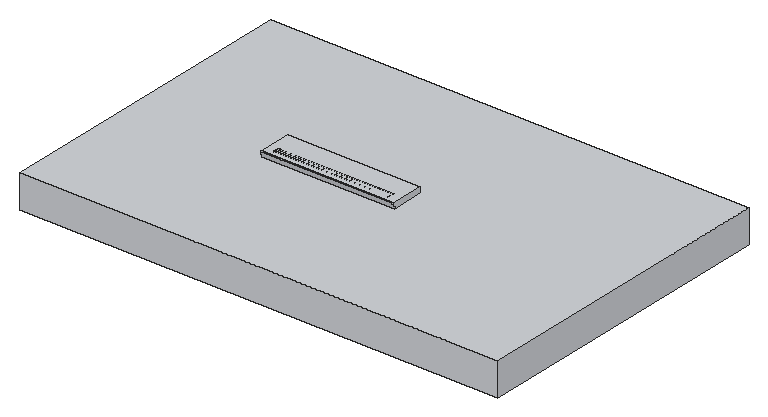
Revit family
Parameters
  Width = 1' - 0"
  URL = "www.coldspringgranite.com"
  TypicalJointSize = 0' - 0 1/4"
  StopCarborundumRight = 0' - 3"
  StopCarborundumLeft = 0' - 3"
  StoneMaterial = none
  SettingSpace = AirGap + Height  # 0' - 2 15/16"
  RightCarborundumVisibilityOn = not(RightCarborundumVisibilityOff)  # no
  RightCarborundumVisibilityOff = StopCarborundumRight > 0' 0"  # yes
  Product Name = "Stair Tread Stone for Veneered Application - Splayed Front Edge with Three Carborundum Strips"
  Product Documentation Link = "http://www.coldspringgranite.com/BIM_Families/Family_Detail/Stair_Tread_Stone_for_Veneered_Application_–_Splayed_Front_Edge_with_Three_Carborundum_Strips/"
  PhoneNumber = "800-551-7502"
  Notes = ""
  NosingRadius = 0' - 0 1/4"
  Model = "N/A"
  Manufacturer = "Cold Spring Granite Company"
  Low Emitting Material = yes
  Low Emitting Finish = yes
  Location = "17482 Granite West Road, Cold Spring, MN 56320-4578"
  Length = 4' - 0"
  LeftCarborundumVisibilityOff = StopCarborundumLeft > 0' 0"  # yes
  LEED Credit = ""
  Keynote = "096340"
  JointRightOff = no
  JointRight = if(JointRightOff, 0' 0", TypicalJointSize / 2)  # 0' - 0 1/8"
  JointLeftOff = no
  JointLeft = if(JointLeftOff, 0' 0", TypicalJointSize / 2)  # 0' - 0 1/8"
  Height = 0' - 1 15/16"
  Description = "Stone Stair Tread Veneer Splayed Triple Carborundum"
  Default Elevation = 0' - 0"
  CarborundumWidth = 0' - 0 3/8"
  LeftCarborundumVisibilityOn = not(LeftCarborundumVisibilityOff)  # no
  CarborundumSpacing = 0' - 0 1/2"
  CarborundumSetBack = 0' - 2"
  CarborundumDepth = 0' - 0 1/4"
  Assembly Code = "C2010100"
  AngledHeadDepth = 0' - 0 1/2"
  AirGap = 0' - 1"
  ADA Compliant = yes
Reference planes (in)
  plane 1 "Center (Front/Back)": y = 0
  plane 2: z = 0
  plane 3 "Center (Left/Right)": x = 0
  plane 4 "StoneLeft": x = 0.125
  plane 5 "StoneRight": x = 47.875
  plane 6 "Right": x = 48
  plane 7 "CarborundumLeft": x = 3.125
  plane 8 "CarborundumRight": x = 44.875
  plane 9 "StoneBack": y = 12
  plane 10 "StoneFace": z = 2.9375
  plane 11: z = 2.6875
  plane 12 "StoneBottom": z = 1
  plane 13 "FirstCarborundumFront": y = 2
  plane 14 "FirstCarborundumBack": y = 2.375
  plane 15 "AngleHead": y = 0.5
  plane 16 "CarborundumBottom": z = 2.6875
  plane 17 "SecondCarborundumFront": y = 2.875
  plane 18 "SecondCarborundumBack": y = 3.25
  plane 19 "ThirdCarborundumFront": y = 3.75
  plane 20 "ThirdCarborundumBack": y = 4.125
Forms (in)
  Extrusion 1, solid
    sketch origin (0, 0, 0) x (1, 0, 0) y (0, 1, 0)
      loop
        line (-48, 64.5) -> (-48, -48) -> (124.0595, -48) -> (124.0595, 64.5) -> (-48, 64.5)
    from 0 to -12
  Extrusion 2, solid, material <- "StoneMaterial", detail levels medium+fine
    sketch origin (0, 0, 0) x (0, 1, 0) y (0, 0, 1)
      loop
        line (12, 1) -> (12, 2.9375) -> (0.32271, 2.9375)
        arc (0.32271, 2.9375) -> (0.12507, 2.84061) -> (0.08064, 2.62503) r 0.25
        line (0.08064, 2.62503) -> (0.5, 1) -> (12, 1)
    from 0.125 to 47.875
  Extrusion 3, void
    sketch origin (0, 0, 0) x (0, 1, 0) y (0, 0, 1)
      loop
        line (2.375, 2.9375) -> (2, 2.9375) -> (2, 2.6875) -> (2.375, 2.6875) -> (2.375, 2.9375)
      loop
        line (3.25, 2.9375) -> (2.875, 2.9375) -> (2.875, 2.6875) -> (3.25, 2.6875) -> (3.25, 2.9375)
      loop
        line (4.125, 2.9375) -> (3.75, 2.9375) -> (3.75, 2.6875) -> (4.125, 2.6875) -> (4.125, 2.9375)
    from 3.125 to 44.875
  Extrusion 4, solid, material <- "StoneMaterial", detail levels coarse
    sketch origin (0, 0, 0) x (0, 1, 0) y (0, 0, 1)
      loop
        line (12, 1) -> (12, 2.9375) -> (0, 2.9375) -> (0.5, 1) -> (12, 1)
    from 0 to 48
Cuts and joins
  Extrusion 3 cuts Extrusion 2
Lines and regions (in)
  Masking region 1, detail levels coarse
    outline origin (0, 0, 0) x (1, 0, 0) y (0, 1, 0)
      loop
        line (0, 12) -> (0, 0) -> (48, 0) -> (48, 12) -> (0, 12)
  Masking region 2, detail levels medium+fine
    outline origin (0, 0, 0) x (1, 0, 0) y (0, 1, 0)
      loop
        line (0.125, 12) -> (0.125, 0) -> (47.875, 0) -> (47.875, 12) -> (0.125, 12)
  Masking region 3, detail levels coarse
    outline origin (0, 0, 0) x (0, 1, 0) y (0, 0, 1)
      loop
        line (12, 1) -> (12, 2.9375) -> (0, 2.9375) -> (0.5, 1) -> (12, 1)
  Masking region 4, detail levels fine
    outline origin (0, 0, 0) x (0, 1, 0) y (0, 0, 1)
      loop
        line (12, 2.9375) -> (4.125, 2.9375) -> (4.125, 2.6875) -> (3.75, 2.6875) -> (3.75, 2.9375) -> (3.25, 2.9375) -> (3.25, 2.6875) -> (2.875, 2.6875) -> (2.875, 2.9375) -> (2.375, 2.9375) -> (2.375, 2.6875) -> (2, 2.6875) -> (2, 2.9375) -> (0.32271, 2.9375) -> (0, 2.9375) -> (0.08064, 2.62503) -> (0.5, 1) -> (12, 1) -> (12, 2.9375)
  Masking region 5, visible <- "LeftCarborundumVisibilityOn", detail levels medium
    outline origin (0, 0, 0) x (0, 1, 0) y (0, 0, 1)
      loop
        line (12, 2.9375) -> (4.125, 2.9375) -> (4.125, 2.6875) -> (3.75, 2.6875) -> (3.75, 2.9375) -> (3.25, 2.9375) -> (3.25, 2.6875) -> (2.875, 2.6875) -> (2.875, 2.9375) -> (2.375, 2.9375) -> (2.375, 2.6875) -> (2, 2.6875) -> (2, 2.9375) -> (0.32271, 2.9375) -> (0, 2.9375) -> (0.08064, 2.62503) -> (0.5, 1) -> (12, 1) -> (12, 2.9375)
  Masking region 6, visible <- "LeftCarborundumVisibilityOff", detail levels medium
    outline origin (0, 0, 0) x (0, 1, 0) y (0, 0, 1)
      loop
        line (12, 1) -> (12, 2.9375) -> (0.32271, 2.9375) -> (0, 2.9375) -> (0.08064, 2.62503) -> (0.5, 1) -> (12, 1)
  Masking region 7, visible <- "RightCarborundumVisibilityOn", detail levels medium
    outline origin (48, 0, 0) x (0, 1, 0) y (0, 0, 1)
      loop
        line (0.32271, 2.9375) -> (0, 2.9375) -> (0.08064, 2.62503) -> (0.5, 1) -> (12, 1) -> (12, 2.9375) -> (4.125, 2.9375) -> (4.125, 2.6875) -> (3.75, 2.6875) -> (3.75, 2.9375) -> (3.25, 2.9375) -> (3.25, 2.6875) -> (2.875, 2.6875) -> (2.875, 2.9375) -> (2.375, 2.9375) -> (2.375, 2.6875) -> (2, 2.6875) -> (2, 2.9375) -> (0.32271, 2.9375)
  Masking region 8, visible <- "RightCarborundumVisibilityOff", detail levels medium
    outline origin (48, 0, 0) x (0, 1, 0) y (0, 0, 1)
      loop
        line (0.32271, 2.9375) -> (0, 2.9375) -> (0.08064, 2.62503) -> (0.5, 1) -> (12, 1) -> (12, 2.9375) -> (0.32271, 2.9375)
  Masking region 9, detail levels coarse
    outline origin (0, 0, 0) x (1, 0, 0) y (0, 0, 1)
      loop
        line (0, 2.9375) -> (0, 1) -> (48, 1) -> (48, 2.9375) -> (0, 2.9375)
  Masking region 10, detail levels medium+fine
    outline origin (0, 0, 0) x (1, 0, 0) y (0, 0, 1)
      loop
        line (0.125, 2.9375) -> (0.125, 1) -> (47.875, 1) -> (47.875, 2.9375) -> (0.125, 2.9375)
  symbolic lines, detail levels medium+fine
    curve 1: line (3.125, 2.375, 0) -> (44.875, 2.375, 0)
    curve 2: line (44.875, 2, 0) -> (3.125, 2, 0)
    curve 3: line (44.875, 2.375, 0) -> (44.875, 2, 0)
    curve 8: line (3.125, 2.375, 0) -> (3.125, 2, 0)
    curve 9: arc (0, 0.32271, 2.9375) -> (0, 0.12507, 2.84061) -> (0, 0.08064, 2.62503) r 0.25
    curve 10: line (44.875, 4.125, 0) -> (3.125, 4.125, 0)
    curve 11: line (44.875, 3.75, 0) -> (3.125, 3.75, 0)
    curve 12: line (44.875, 3.25, 0) -> (3.125, 3.25, 0)
    curve 13: line (44.875, 2.875, 0) -> (3.125, 2.875, 0)
    curve 14: line (3.125, 3.25, 0) -> (3.125, 2.875, 0)
    curve 15: line (3.125, 4.125, 0) -> (3.125, 3.75, 0)
    curve 16: line (44.875, 4.125, 0) -> (44.875, 3.75, 0)
    curve 17: line (44.875, 3.25, 0) -> (44.875, 2.875, 0)
  reference lines
    curve 4: line (0, 0, 2.9375) -> (0, 0.5, 1)
    curve 5: line (0, 1.97306, -3.70763) -> (0, 0.14753, 3.36632)
    curve 6: line (0, 0.32271, 2.6875) -> (0, 0.32271, 6.4375)
    curve 7: line (0, 0.32271, 2.6875) -> (0, -2.58213, 1.93787)
Dimensions and locks (in)
  "Length": plane 3 "Center (Left/Right)" to plane 6 "Right"
  "JointLeft": plane 3 "Center (Left/Right)" to plane 4 "StoneLeft"
  "JointRight": plane 5 "StoneRight" to plane 6 "Right"
  "Width": plane 1 "Center (Front/Back)" to plane 9 "StoneBack"
  "StopCarborundumLeft": plane 7 "CarborundumLeft" to plane 4 "StoneLeft"
  "StopCarborundumRight": plane 5 "StoneRight" to plane 8 "CarborundumRight"
  "SettingSpace": plane 10 "StoneFace" to plane 2
  "CarborundumDepth": plane 10 "StoneFace" to plane 11
  "CarborundumSetBack": plane 13 "FirstCarborundumFront" to plane 1 "Center (Front/Back)"
  "CarborundumWidth": plane 14 "FirstCarborundumBack" to plane 13 "FirstCarborundumFront"
  "Height": plane 10 "StoneFace" to plane 12 "StoneBottom"
  "AngledHeadDepth": plane 15 "AngleHead" to plane 1 "Center (Front/Back)"
  "NosingRadius": plane 10 "StoneFace" to plane 16 "CarborundumBottom"
  "NosingRadius": curve 4 to curve 5
  "CarborundumSpacing": plane 17 "SecondCarborundumFront" to plane 14 "FirstCarborundumBack"
  "CarborundumWidth": plane 18 "SecondCarborundumBack" to plane 17 "SecondCarborundumFront"
  "CarborundumSpacing": plane 19 "ThirdCarborundumFront" to plane 18 "SecondCarborundumBack"
  "CarborundumWidth": plane 20 "ThirdCarborundumBack" to plane 19 "ThirdCarborundumFront"
  "NosingRadius": radius of Extrusion 2 sketch curve
  angle plane 16 "CarborundumBottom" to curve 6 = 90.00°
  angle curve 5 to curve 7 = 90.00°
  aligned and locked: Extrusion 1 to plane 2
  aligned and locked: level to Extrusion 1
  aligned and locked: curve 1 to plane 14 "FirstCarborundumBack"
  aligned and locked: curve 3 to plane 8 "CarborundumRight"
  aligned and locked: plane 1 "Center (Front/Back)" to curve 4
  aligned and locked: plane 10 "StoneFace" to curve 4
  aligned and locked: plane 12 "StoneBottom" to curve 4
  aligned and locked: plane 15 "AngleHead" to curve 4
  aligned and locked: plane 9 "StoneBack" to Extrusion 2 sketch curve
  aligned and locked: plane 10 "StoneFace" to Extrusion 2 sketch curve  (x2)
  aligned and locked: curve 6 to Extrusion 2 sketch curve
  aligned and locked: curve 7 to Extrusion 2 sketch curve
  aligned and locked: curve 4 to Extrusion 2 sketch curve
  aligned and locked: plane 5 "StoneRight" to Extrusion 2
  aligned and locked: Extrusion 2 to plane 4 "StoneLeft"
  aligned and locked: Extrusion 3 sketch curve to plane 10 "StoneFace"  (x3)
  aligned and locked: Extrusion 3 sketch curve to plane 14 "FirstCarborundumBack"
  aligned and locked: plane 11 to Extrusion 3 sketch curve  (x3)
  aligned and locked: plane 13 "FirstCarborundumFront" to Extrusion 3 sketch curve
  aligned: plane 5 "StoneRight" to Extrusion 3
  aligned: Extrusion 3 to plane 4 "StoneLeft"
  aligned and locked: plane 8 "CarborundumRight" to Extrusion 3
  aligned and locked: Extrusion 3 to plane 7 "CarborundumLeft"
  aligned and locked: plane 9 "StoneBack" to Extrusion 4 sketch curve
  aligned and locked: plane 10 "StoneFace" to Extrusion 4 sketch curve
  aligned and locked: Extrusion 4 sketch curve to cut or joined group of Extrusion 2, Extrusion 3
  aligned and locked: plane 6 "Right" to Extrusion 4
  aligned and locked: Extrusion 4 to plane 3 "Center (Left/Right)"
  aligned and locked: cut or joined group of Extrusion 2, Extrusion 3 to curve 8
  aligned and locked: Extrusion 4 sketch curve to plane 12 "StoneBottom"
  aligned and locked: Extrusion 2 sketch curve to plane 12 "StoneBottom"
  aligned and locked: Masking region 1 sketch curve to plane 9 "StoneBack"
  aligned and locked: plane 3 "Center (Left/Right)" to Masking region 1 sketch curve
  aligned and locked: Masking region 1 sketch curve to plane 6 "Right"
  aligned and locked: Masking region 1 sketch curve to plane 1 "Center (Front/Back)"
  aligned and locked: Masking region 2 sketch curve to plane 9 "StoneBack"
  aligned and locked: plane 4 "StoneLeft" to Masking region 2 sketch curve
  aligned and locked: Masking region 2 sketch curve to plane 5 "StoneRight"
  aligned and locked: Masking region 2 sketch curve to plane 1 "Center (Front/Back)"
  aligned and locked: plane 9 "StoneBack" to Masking region 3 sketch curve
  aligned and locked: plane 10 "StoneFace" to Masking region 3 sketch curve
  aligned and locked: plane 12 "StoneBottom" to Masking region 3 sketch curve
  aligned and locked: Masking region 3 sketch curve to curve 4
  aligned and locked: plane 10 "StoneFace" to Masking region 4 sketch curve  (x3)
  aligned and locked: plane 9 "StoneBack" to Masking region 4 sketch curve
  aligned and locked: plane 12 "StoneBottom" to Masking region 4 sketch curve
  aligned and locked: curve 4 to Masking region 4 sketch curve
  aligned and locked: curve 6 to Masking region 4 sketch curve
  aligned and locked: curve 7 to Masking region 4 sketch curve
  aligned and locked: plane 1 "Center (Front/Back)" to Masking region 4 sketch curve
  aligned and locked: curve 6 to curve 9
  aligned and locked: plane 10 "StoneFace" to curve 9
  aligned and locked: curve 4 to curve 9
  aligned and locked: curve 7 to curve 9
  aligned and locked: plane 14 "FirstCarborundumBack" to Masking region 4 sketch curve
  aligned and locked: plane 13 "FirstCarborundumFront" to Masking region 4 sketch curve
  aligned and locked: plane 11 to Masking region 4 sketch curve  (x2)
  aligned and locked: plane 10 "StoneFace" to Masking region 5 sketch curve  (x3)
  aligned and locked: plane 9 "StoneBack" to Masking region 5 sketch curve
  aligned and locked: plane 12 "StoneBottom" to Masking region 5 sketch curve
  aligned and locked: plane 11 to Masking region 5 sketch curve  (x2)
  aligned and locked: curve 6 to Masking region 5 sketch curve
  aligned and locked: curve 4 to Masking region 5 sketch curve
  aligned and locked: curve 7 to Masking region 5 sketch curve
  aligned and locked: plane 1 "Center (Front/Back)" to Masking region 5 sketch curve
  aligned and locked: plane 9 "StoneBack" to Masking region 6 sketch curve
  aligned and locked: plane 10 "StoneFace" to Masking region 6 sketch curve  (x3)
  aligned and locked: plane 12 "StoneBottom" to Masking region 6 sketch curve
  aligned and locked: curve 7 to Masking region 6 sketch curve
  aligned and locked: curve 4 to Masking region 6 sketch curve
  aligned and locked: curve 6 to Masking region 6 sketch curve
  aligned and locked: plane 1 "Center (Front/Back)" to Masking region 6 sketch curve
  aligned and locked: Masking region 7 sketch curve to plane 13 "FirstCarborundumFront"
  aligned and locked: Masking region 7 sketch curve to plane 11
  aligned and locked: Masking region 7 sketch curve to plane 14 "FirstCarborundumBack"
  aligned and locked: Masking region 7 sketch curve to plane 9 "StoneBack"
  aligned and locked: Masking region 7 sketch curve to plane 12 "StoneBottom"
  aligned and locked: curve 4 to Masking region 7 sketch curve
  aligned and locked: curve 6 to Masking region 7 sketch curve
  aligned and locked: plane 10 "StoneFace" to Masking region 7 sketch curve  (x2)
  aligned and locked: curve 7 to Masking region 7 sketch curve
  aligned and locked: plane 1 "Center (Front/Back)" to Masking region 7 sketch curve
  aligned and locked: Masking region 8 sketch curve to plane 12 "StoneBottom"
  aligned and locked: Masking region 8 sketch curve to plane 9 "StoneBack"
  aligned and locked: curve 6 to Masking region 8 sketch curve
  aligned and locked: curve 7 to Masking region 8 sketch curve
  aligned and locked: curve 4 to Masking region 8 sketch curve
  aligned and locked: plane 10 "StoneFace" to Masking region 8 sketch curve  (x2)
  aligned and locked: plane 1 "Center (Front/Back)" to Masking region 8 sketch curve
  aligned and locked: plane 13 "FirstCarborundumFront" to Masking region 5 sketch curve
  aligned and locked: plane 14 "FirstCarborundumBack" to Masking region 5 sketch curve
  aligned and locked: plane 3 "Center (Left/Right)" to Masking region 9 sketch curve
  aligned and locked: plane 12 "StoneBottom" to Masking region 9 sketch curve
  aligned and locked: Masking region 9 sketch curve to plane 6 "Right"
  aligned and locked: Masking region 9 sketch curve to plane 10 "StoneFace"
  aligned and locked: Masking region 10 sketch curve to plane 10 "StoneFace"
  aligned and locked: plane 4 "StoneLeft" to Masking region 10 sketch curve
  aligned and locked: plane 12 "StoneBottom" to Masking region 10 sketch curve
  aligned and locked: Masking region 10 sketch curve to plane 5 "StoneRight"
  aligned and locked: Extrusion 3 sketch curve to plane 17 "SecondCarborundumFront"
  aligned and locked: plane 18 "SecondCarborundumBack" to Extrusion 3 sketch curve
  aligned and locked: Extrusion 3 sketch curve to plane 19 "ThirdCarborundumFront"
  aligned and locked: plane 20 "ThirdCarborundumBack" to Extrusion 3 sketch curve
  aligned and locked: plane 20 "ThirdCarborundumBack" to Masking region 4 sketch curve
  aligned and locked: plane 19 "ThirdCarborundumFront" to Masking region 4 sketch curve
  aligned and locked: plane 18 "SecondCarborundumBack" to Masking region 4 sketch curve
  aligned and locked: plane 17 "SecondCarborundumFront" to Masking region 4 sketch curve
  aligned and locked: plane 20 "ThirdCarborundumBack" to Masking region 5 sketch curve
  aligned and locked: plane 19 "ThirdCarborundumFront" to Masking region 5 sketch curve
  aligned and locked: plane 18 "SecondCarborundumBack" to Masking region 5 sketch curve
  aligned and locked: plane 17 "SecondCarborundumFront" to Masking region 5 sketch curve
  aligned and locked: plane 17 "SecondCarborundumFront" to Masking region 7 sketch curve
  aligned and locked: plane 18 "SecondCarborundumBack" to Masking region 7 sketch curve
  aligned and locked: plane 19 "ThirdCarborundumFront" to Masking region 7 sketch curve
  aligned and locked: plane 20 "ThirdCarborundumBack" to Masking region 7 sketch curve
  aligned and locked: plane 11 to Masking region 7 sketch curve
  aligned and locked: plane 7 "CarborundumLeft" to curve 2
  aligned and locked: plane 7 "CarborundumLeft" to curve 1
  aligned and locked: plane 8 "CarborundumRight" to curve 2
  aligned and locked: plane 13 "FirstCarborundumFront" to curve 3
  aligned and locked: plane 14 "FirstCarborundumBack" to curve 3
  aligned and locked: plane 13 "FirstCarborundumFront" to curve 8
  aligned and locked: plane 7 "CarborundumLeft" to curve 12
  aligned and locked: plane 8 "CarborundumRight" to curve 10
  aligned and locked: plane 8 "CarborundumRight" to curve 11
  aligned and locked: plane 20 "ThirdCarborundumBack" to curve 15
  aligned and locked: plane 19 "ThirdCarborundumFront" to curve 15
  aligned and locked: plane 18 "SecondCarborundumBack" to curve 14
  aligned and locked: plane 17 "SecondCarborundumFront" to curve 14
  aligned and locked: plane 20 "ThirdCarborundumBack" to curve 16
  aligned and locked: plane 19 "ThirdCarborundumFront" to curve 16
  aligned and locked: plane 18 "SecondCarborundumBack" to curve 17
  aligned and locked: plane 17 "SecondCarborundumFront" to curve 17
  aligned and locked: plane 7 "CarborundumLeft" to curve 10
  aligned and locked: plane 7 "CarborundumLeft" to curve 11
  aligned and locked: plane 7 "CarborundumLeft" to curve 13
  aligned and locked: plane 8 "CarborundumRight" to curve 12
  aligned and locked: plane 8 "CarborundumRight" to curve 13
  aligned and locked: Masking region 5 to plane 11
  aligned and locked: Masking region 4 to plane 11
  aligned and locked: Masking region 7 to plane 11
Automatic sketch dimensions
  Extrusion 1 sketch curve to Extrusion 1 sketch curve = 14' - 4.0595"
  Extrusion 1 sketch curve to Extrusion 1 sketch curve = 9' - 4 1/2"
  curve 6 to plane 16 "CarborundumBottom" = 0' - 0"
  curve 7 to curve 6 = 0' - 0"
  curve 5 to plane 13 "FirstCarborundumFront" = 0' - 0.02694"
  Masking region 5 sketch curve to plane 15 "AngleHead" = 0' - 0"
  Masking region 6 sketch curve to plane 15 "AngleHead" = 0' - 0"
  Masking region 8 sketch curve to plane 15 "AngleHead" = 0' - 0"
  Masking region 4 sketch curve to Masking region 4 sketch curve = 0' - 0"  (x2)
  Masking region 4 sketch curve to plane 11 = 0' - 0"
  Masking region 5 sketch curve to Masking region 5 sketch curve = 0' - 0"  (x2)
  Masking region 5 sketch curve to plane 11 = 0' - 0"
  Masking region 7 sketch curve to Masking region 7 sketch curve = 0' - 0"  (x2)
  Masking region 7 sketch curve to plane 10 "StoneFace" = 0' - 0"
  Masking region 7 sketch curve to plane 11 = 0' - 0"
Nested families (in)
  nested 1: "CopyRight" at (0, 0, 0), type "CopyRight"
Definition of nested family "CopyRight"
  Parameters (values of type "CopyRight")
    CopyRight = "Cold Spring Granite Company"
  Reference planes (in)
    plane 1: z = 0
